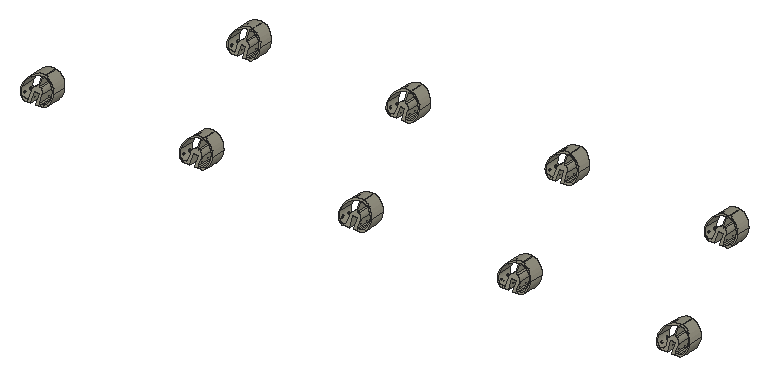
Revit family "Construction_Roof-Accessories_Alpine-SnowGuards_PD82", category Specialty Equipment, host Face, Revit 2019
Family settings
  Host = Face
  Round Connector Dimension = Use Diameter
  Part Type = Normal
  OmniClass Number = 23.35.20.31.27.14
  OmniClass Title = Snow Guards
  Cut with Voids When Loaded = No
  Shared = No
  Room Calculation Point = No
Parameters (values of type "2x2 Pattern – Two Row")
  z_Option3 = Row Options : Three Rows
  z_Option2 = Row Options : Two Rows
  z_Option1 = Row Options : One Row
  Z_Vertical Spacing = if(Vertical Spacing = 0", 12", Vertical Spacing)  # 24"
  Z_Three Rows [instance] = and((Length > 2 * Z_Horizontal Spacing), Number of Rows = z_Option3)  # no
  Z_Three Row Second Pad [instance] = and(not(or(Z_Three Rows, Z_Two Rows, Z_Custom Row, Number of Rows = z_Option2, Z_CR)), Z_Length > Z_Horizontal Spacing)  # no
  Z_Three Row First Pad [instance] = not(or(Z_Three Rows, Z_Two Rows, Z_Custom Row, Number of Rows = z_Option2, Z_CR))  # no
  Z_Second Row Number [instance] = Z_Number of Pads Control - 1  # 4
  Z_Two Row First Pad [instance] = and(not(or(Z_Three Rows, Z_Two Rows, Z_Custom Row, Z_CR)), or(Z_Length = Z_Horizontal Spacing / 2, Z_Length > Z_Horizontal Spacing / 2))  # no
  Z_Second Row [instance] = Z_Horizontal Spacing / 2  # 12"
  Z_Length [instance] = if(Length < Z_Horizontal Spacing / 2, Z_Horizontal Spacing / 2, Length)  # 100"
  Z_Horizontal Spacing = if(Horizontal Spacing = 0", 24", Horizontal Spacing)  # 24"
  Z_Distance between Pads [instance] = Length / (Z_Number of Pads Control - 1)  # 25"
  Z_Custom Row Second Pad [instance] = and(not(or(Z_Three Rows, Z_Two Rows, Z_Custom Row)), Z_Length > Z_Horizontal Spacing)  # no
  Z_Custom Row First Pad [instance] = not(or(Z_Three Rows, Z_Two Rows))  # no
  Z_Custom Row [instance] = and((Length > 2 * Z_Horizontal Spacing), or(Number of Rows = z_Option1, Number of Rows = z_Option2, Number of Rows = z_Option3))  # yes
  Z_CR = no
  Vertical Spacing = 24"
  URL = "https://www.alpinesnowguards.com/model/pd82?utm_source=bimobject&utm_medium=productlisting&utm_campaign=2022marketing"
  Z_Two Rows [instance] = and((Length > 2 * Z_Horizontal Spacing), or(Number of Rows = z_Option2, Number of Rows = z_Option3))  # yes
  Standard Layouts [instance] = "Standard layouts are shown. Custom layouts are available, please contact Alpine Snow Guard to discuss."  # constant formula
  Snow Guard Count [instance] = if(and(Number of Rows = z_Option1, and(Length > 24", Length < 49")), 2, if(and(Number of Rows = z_Option1, or(Length = 0", Length < 25")), 1, if(and(Number of Rows = z_Option2, or(Length = 0", Length < 25")), 2, if(and(Number of Rows = z_Option3, and(Length > 24", Length < 49")), 5, if(Z_Three Rows, 2 * Z_Number of Pads Control + Z_Second Row Number, if(Z_Two Rows, Z_Number of Pads Control + Z_Second Row Number, Z_Number of Pads Control))))))  # 9
  Product data url = "https://www.bimobject.com/en-us/alpine-snowguards/product/pd82_pad_style_snow_guard_for_standing_seam"
  Product Material = Alpine SnowGuards - Aluminium - Mill Finish
  Product Guid = "87701d0f-6db0-4538-ad19-06091a71275a"
  Z_Number of Pads Control [instance] = if((Z_Length / Z_Horizontal Spacing + 1) < 3, 3, rounddown(Z_Length / Z_Horizontal Spacing + 1))  # 5
  Number of Rows = Row Options : Two Rows
  Length Note [instance] = "To show a single SnowGuard in the Row, please set Length to 0"  # constant formula
  Model = "PD 82"  # constant formula
  Manufacturer = "Alpine SnowGuards"  # constant formula
  Length [instance] = 100"
  Keynote = "07720"
  IMPORTANT [instance] = "All layouts begin with a 3-row pattern."  # constant formula
  Horizontal Spacing = 24"
  Edition number = 1
  Description = "PD82 pad-style snow guard."  # constant formula
  Default Elevation = 48"
  Assembly Code = "B3010"
Types (6): name | Z_Vertical Spacing | Z_Three Rows | Z_Second Row Number | Z_Second Row | Z_Horizontal Spacing | Z_Distance between Pads | Z_Custom Row First Pad | Z_CR | Vertical Spacing | Z_Two Rows | Snow Guard Count | Z_Number of Pads Control | Number of Rows | Horizontal Spacing
  (no name) | 24" | no | 4 | 12" | 24" | 25" | no | no | 24" | yes | 9 | 5 | Row Options : Two Rows | 24"
  3-Row Pattern | 12" | yes | 4 | 12" | 24" | 25" | no | no | 12" | yes | 14 | 5 | Row Options : Three Rows | 24"
  2x4 Pattern – Two Row | 24" | no | 2 | 24" | 48" | 50" | no | no | 24" | yes | 5 | 3 | Row Options : Two Rows | 48"
  2x3 Pattern – Two Row | 24" | no | 2 | 18" | 36" | 50" | no | no | 24" | yes | 5 | 3 | Row Options : Two Rows | 36"
  2x2 Pattern – Two Row | 24" | no | 4 | 12" | 24" | 25" | no | no | 24" | yes | 9 | 5 | Row Options : Two Rows | 24"
  Custom – Single Row | 12" | no | 4 | 12" | 24" | 25" | yes | yes | 0" | no | 5 | 5 | Row Options : One Row | 24"
Reference planes (in)
  plane 1 "Center (Front/Back)": y = 0
  plane 2: z = 0
  plane 3 "Center (Left/Right)": x = 0
  plane 4: x = 100
  plane 5: y = 24
  plane 6: y = 48
  plane 7: x = 12
  plane 8: x = 24
  plane 9: x = 36
Dimensions and locks (in)
  "Z_Length": plane 3 "Center (Left/Right)" to plane 4
  "Z_Vertical Spacing": plane 1 "Center (Front/Back)" to plane 5
  "Z_Vertical Spacing": plane 6 to plane 5
  "Z_Horizontal Spacing": plane 3 "Center (Left/Right)" to plane 8
  equal spacing: group 1, group 2, group 3, group 9, group 10  (x3)
  equal spacing: group 4, group 5, group 6, group 11, group 12  (x3)
  "Z_Horizontal Spacing": plane 7 to plane 9
  equal spacing: group 7, group 8, group 13, group 14  (x3)
  equal spacing: plane 3 "Center (Left/Right)", plane 7, plane 8
  aligned and locked: host face to plane 2
  aligned and locked: host face to level
  aligned and locked: plane 1 "Center (Front/Back)" to nested 1
  aligned and locked: plane 3 "Center (Left/Right)" to nested 1
  aligned and locked: plane 7 to nested 2
  aligned and locked: nested 2 to plane 5
  aligned and locked: plane 3 "Center (Left/Right)" to nested 3
  aligned and locked: nested 3 to plane 6
  aligned and locked: plane 8 to nested 4
  aligned and locked: plane 8 to nested 6
  aligned and locked: plane 9 to nested 8
  aligned and locked: nested 6 to plane 6
  aligned and locked: nested 8 to plane 5
  aligned and locked: plane 1 "Center (Front/Back)" to nested 9
  aligned and locked: plane 1 "Center (Front/Back)" to nested 10
  aligned and locked: nested 11 to plane 5
  aligned and locked: nested 12 to plane 6
  aligned and locked: nested 13 to plane 6
  aligned and locked: plane 3 "Center (Left/Right)" to nested 9
  aligned and locked: plane 7 to nested 11
  aligned and locked: plane 8 to nested 10
  aligned and locked: plane 3 "Center (Left/Right)" to nested 12
  aligned and locked: plane 8 to nested 13
Automatic sketch dimensions
  host sketch curve to host sketch curve = 167.34463"
  host sketch curve to host sketch curve = 121.14631"
Nested families (in)
  nested 1: "Construction_Roof-Accessories_Alpine-SnowGuards_Pad-PD82" at (0, 0, 0), Product Material <- "Product Material", visible <- "Z_Custom Row", type "Construction_Roof-Accessories_Alpine-SnowGuards_Pad-PD82"
    with Product Material Alpine SnowGuards - Aluminium - Mill Finish
  nested 2: "Construction_Roof-Accessories_Alpine-SnowGuards_Pad-PD82" at (12, 24, 0), Product Material <- "Product Material", visible <- "Z_Two Rows", type "Construction_Roof-Accessories_Alpine-SnowGuards_Pad-PD82"
    with Product Material Alpine SnowGuards - Aluminium - Mill Finish
  nested 3: "Construction_Roof-Accessories_Alpine-SnowGuards_Pad-PD82" at (0, 48, 0), Product Material <- "Product Material", visible <- "Z_Three Rows", type "Construction_Roof-Accessories_Alpine-SnowGuards_Pad-PD82"
    with Product Material Alpine SnowGuards - Aluminium - Mill Finish
  nested 4: "Construction_Roof-Accessories_Alpine-SnowGuards_Pad-PD82" at (24, 0, 0), Product Material <- "Product Material", visible <- "Z_Custom Row", type "Construction_Roof-Accessories_Alpine-SnowGuards_Pad-PD82"
    with Product Material Alpine SnowGuards - Aluminium - Mill Finish
  nested 5: "Construction_Roof-Accessories_Alpine-SnowGuards_Pad-PD82" at (48, 0, 0), Product Material <- "Product Material", visible <- "Z_Custom Row", type "Construction_Roof-Accessories_Alpine-SnowGuards_Pad-PD82"
    with Product Material Alpine SnowGuards - Aluminium - Mill Finish
  nested 6: "Construction_Roof-Accessories_Alpine-SnowGuards_Pad-PD82" at (24, 48, 0), Product Material <- "Product Material", visible <- "Z_Three Rows", type "Construction_Roof-Accessories_Alpine-SnowGuards_Pad-PD82"
    with Product Material Alpine SnowGuards - Aluminium - Mill Finish
  nested 7: "Construction_Roof-Accessories_Alpine-SnowGuards_Pad-PD82" at (48, 48, 0), Product Material <- "Product Material", visible <- "Z_Three Rows", type "Construction_Roof-Accessories_Alpine-SnowGuards_Pad-PD82"
    with Product Material Alpine SnowGuards - Aluminium - Mill Finish
  nested 8: "Construction_Roof-Accessories_Alpine-SnowGuards_Pad-PD82" at (36, 24, 0), Product Material <- "Product Material", visible <- "Z_Two Rows", type "Construction_Roof-Accessories_Alpine-SnowGuards_Pad-PD82"
    with Product Material Alpine SnowGuards - Aluminium - Mill Finish
  nested 9: "Construction_Roof-Accessories_Alpine-SnowGuards_Pad-PD82" at (0, 0, 0), Product Material <- "Product Material", visible <- "Z_Custom Row First Pad", type "Construction_Roof-Accessories_Alpine-SnowGuards_Pad-PD82"
    with Product Material Alpine SnowGuards - Aluminium - Mill Finish
  nested 10: "Construction_Roof-Accessories_Alpine-SnowGuards_Pad-PD82" at (24, 0, 0), Product Material <- "Product Material", visible <- "Z_Custom Row Second Pad", type "Construction_Roof-Accessories_Alpine-SnowGuards_Pad-PD82"
    with Product Material Alpine SnowGuards - Aluminium - Mill Finish
  nested 11: "Construction_Roof-Accessories_Alpine-SnowGuards_Pad-PD82" at (12, 24, 0), Product Material <- "Product Material", visible <- "Z_Two Row First Pad", type "Construction_Roof-Accessories_Alpine-SnowGuards_Pad-PD82"
    with Product Material Alpine SnowGuards - Aluminium - Mill Finish
  nested 12: "Construction_Roof-Accessories_Alpine-SnowGuards_Pad-PD82" at (0, 48, 0), Product Material <- "Product Material", visible <- "Z_Three Row First Pad", type "Construction_Roof-Accessories_Alpine-SnowGuards_Pad-PD82"
    with Product Material Alpine SnowGuards - Aluminium - Mill Finish
  nested 13: "Construction_Roof-Accessories_Alpine-SnowGuards_Pad-PD82" at (24, 48, 0), Product Material <- "Product Material", visible <- "Z_Three Row Second Pad", type "Construction_Roof-Accessories_Alpine-SnowGuards_Pad-PD82"
    with Product Material Alpine SnowGuards - Aluminium - Mill Finish
  nested 14: "Construction_Roof-Accessories_Alpine-SnowGuards_Pad-PD82" at (72, 0, 0), Product Material <- "Product Material", visible <- "Z_Custom Row", type "Construction_Roof-Accessories_Alpine-SnowGuards_Pad-PD82"
    with Product Material Alpine SnowGuards - Aluminium - Mill Finish
  nested 15: "Construction_Roof-Accessories_Alpine-SnowGuards_Pad-PD82" at (96, 0, 0), Product Material <- "Product Material", visible <- "Z_Custom Row", type "Construction_Roof-Accessories_Alpine-SnowGuards_Pad-PD82"
    with Product Material Alpine SnowGuards - Aluminium - Mill Finish
  nested 16: "Construction_Roof-Accessories_Alpine-SnowGuards_Pad-PD82" at (72, 48, 0), Product Material <- "Product Material", visible <- "Z_Three Rows", type "Construction_Roof-Accessories_Alpine-SnowGuards_Pad-PD82"
    with Product Material Alpine SnowGuards - Aluminium - Mill Finish
  nested 17: "Construction_Roof-Accessories_Alpine-SnowGuards_Pad-PD82" at (96, 48, 0), Product Material <- "Product Material", visible <- "Z_Three Rows", type "Construction_Roof-Accessories_Alpine-SnowGuards_Pad-PD82"
    with Product Material Alpine SnowGuards - Aluminium - Mill Finish
  nested 18: "Construction_Roof-Accessories_Alpine-SnowGuards_Pad-PD82" at (60, 24, 0), Product Material <- "Product Material", visible <- "Z_Two Rows", type "Construction_Roof-Accessories_Alpine-SnowGuards_Pad-PD82"
    with Product Material Alpine SnowGuards - Aluminium - Mill Finish
  nested 19: "Construction_Roof-Accessories_Alpine-SnowGuards_Pad-PD82" at (84, 24, 0), Product Material <- "Product Material", visible <- "Z_Two Rows", type "Construction_Roof-Accessories_Alpine-SnowGuards_Pad-PD82"
    with Product Material Alpine SnowGuards - Aluminium - Mill Finish
Definition of nested family "Construction_Roof-Accessories_Alpine-SnowGuards_Pad-PD82"
  Parameters (values of type "Construction_Roof-Accessories_Alpine-SnowGuards_Pad-PD80")
    Product Material [instance] = none
  Reference planes (in)
    plane 1 "Center (Front/Back)": y = 0
    plane 2: z = 0
    plane 3 "Center (Left/Right)": x = 0
    plane 4: z = 3.18
    plane 5: x = -0.81663
    plane 6: x = 0.81663
    plane 7: z = 1.2
    plane 8: x = 0.33663
    plane 9: x = -0.29337
    plane 10: z = 3.18
    plane 11: y = 3.83
    plane 12: y = 1.83
  Forms (in)
    Extrusion 1, solid, material <- "Product Material", detail levels fine
      sketch origin (0, 0, 0) x (1, 0, 0) y (0, 0, -1)
        loop
          line (0.33663, -1.2) -> (-0.33663, -1.2) -> (-0.33663, 0) -> (-1.23679, 0)
          arc (-1.23679, 0) -> (-2.19546, -0.50376) -> (-2.32438, -1.57902) r 1.16406
          arc (-2.32438, -1.57902) -> (-0.00049, -3.18) -> (2.32404, -1.57992) r 2.48782
          arc (2.32404, -1.57992) -> (2.19536, -0.5041) -> (1.23628, 0) r 1.16442
          line (1.23628, 0) -> (0.33663, 0) -> (0.33663, -1.2)
        loop
          arc (0.81163, -1.12324) -> (0.65727, -1.5481) -> (0.26618, -1.77478) r 0.66186
          arc (0.26618, -1.77478) -> (0.16793, -1.82046) -> (0.10508, -1.90873) r 0.212
          line (0.10508, -1.90873) -> (0.10508, -2.82618)
          arc (0.10508, -2.82618) -> (0.15579, -2.94117) -> (0.2749, -2.98127) r 0.15573
          arc (0.2749, -2.98127) -> (1.51487, -2.45955) -> (2.22615, -1.31771) r 2.22082
          arc (2.22615, -1.31771) -> (1.97158, -0.52636) -> (1.21249, -0.1875) r 1.01967
          line (1.21249, -0.1875) -> (0.95592, -0.1875)
          arc (0.95592, -0.1875) -> (0.85389, -0.22976) -> (0.81163, -0.33179) r 0.14429
          line (0.81163, -0.33179) -> (0.81163, -1.12324)
        loop
          arc (-0.10508, -1.90873) -> (-0.16793, -1.82046) -> (-0.26618, -1.77478) r 0.212
          arc (-0.26618, -1.77478) -> (-0.65727, -1.5481) -> (-0.81163, -1.12324) r 0.66186
          line (-0.81163, -1.12324) -> (-0.81163, -0.33179)
          arc (-0.81163, -0.33179) -> (-0.85389, -0.22976) -> (-0.95592, -0.1875) r 0.14429
          line (-0.95592, -0.1875) -> (-1.21249, -0.1875)
          arc (-1.21249, -0.1875) -> (-1.97158, -0.52636) -> (-2.22615, -1.31771) r 1.01967
          arc (-2.22615, -1.31771) -> (-1.51487, -2.45955) -> (-0.2749, -2.98127) r 2.22082
          arc (-0.2749, -2.98127) -> (-0.15579, -2.94117) -> (-0.10508, -2.82618) r 0.15573
          line (-0.10508, -2.82618) -> (-0.10508, -1.90873)
      from -0.41293 to 3.94197
    Extrusion 2, void
      sketch origin (0, 0, 0) x (0, -1, 0) y (0, 0, -1)
        loop
          line (-3.95816, -3.39164) -> (-1.58316, 0.72198) -> (-3.58316, 0.72198) -> (-5.95816, -3.39164) -> (-3.95816, -3.39164)
        loop
          line (0.29184, 0.50547) -> (-2.08316, -3.60815) -> (0.22624, -3.60815) -> (2.60124, 0.50547) -> (0.29184, 0.50547)
      from -7.16641 to 12
    Extrusion 3, solid, material <- "Product Material", detail levels medium
      sketch origin (0, -8.42873, 0) x (1, 0, 0) y (0, 0, -1)
        loop
          line (0.33663, -1.2) -> (-0.33663, -1.2) -> (-0.33663, 0) -> (-1.18514, 0)
          arc (-1.18514, 0) -> (-2.09278, -0.40425) -> (-2.39946, -1.34933) r 1.22107
          arc (-2.39946, -1.34933) -> (0, -3.18) -> (2.39946, -1.34933) r 2.48782
          arc (2.39946, -1.34933) -> (2.09278, -0.40425) -> (1.18514, 0) r 1.22107
          line (1.18514, 0) -> (0.33663, 0) -> (0.33663, -1.2)
        loop
          arc (0.81163, -1.15807) -> (0.65854, -1.5664) -> (0.27473, -1.77343) r 0.62109
          arc (0.27473, -1.77343) -> (0.17128, -1.81773) -> (0.10508, -1.90873) r 0.212
          line (0.10508, -1.90873) -> (0.10508, -2.82618)
          arc (0.10508, -2.82618) -> (0.15579, -2.94117) -> (0.2749, -2.98127) r 0.15573
          arc (0.2749, -2.98127) -> (1.42859, -2.52945) -> (2.16067, -1.52985) r 2.22082
          arc (2.16067, -1.52985) -> (2.04034, -0.61407) -> (1.22109, -0.1875) r 1
          line (1.22109, -0.1875) -> (0.95592, -0.1875)
          arc (0.95592, -0.1875) -> (0.85389, -0.22976) -> (0.81163, -0.33179) r 0.14429
          line (0.81163, -0.33179) -> (0.81163, -1.15807)
        loop
          line (-0.81163, -1.15854) -> (-0.81163, -0.33179)
          arc (-0.81163, -0.33179) -> (-0.85389, -0.22976) -> (-0.95592, -0.1875) r 0.14429
          line (-0.95592, -0.1875) -> (-1.22109, -0.1875)
          arc (-1.22109, -0.1875) -> (-2.04034, -0.61407) -> (-2.16067, -1.52985) r 1
          arc (-2.16067, -1.52985) -> (-1.42859, -2.52945) -> (-0.2749, -2.98127) r 2.22082
          arc (-0.2749, -2.98127) -> (-0.15579, -2.94117) -> (-0.10508, -2.82618) r 0.15573
          line (-0.10508, -2.82618) -> (-0.10508, -1.90873)
          arc (-0.10508, -1.90873) -> (-0.17133, -1.81769) -> (-0.27485, -1.77342) r 0.212
          arc (-0.27485, -1.77342) -> (-0.65856, -1.56665) -> (-0.81163, -1.15854) r 0.62055
      from 8.42873 to 12.25873
    Extrusion 4, solid, material <- "Product Material", detail levels coarse
      sketch origin (0, 0, 0) x (1, 0, 0) y (0, 0, -1)
        loop
          line (0.33663, -1.2) -> (-0.33663, -1.2) -> (-0.33663, 0) -> (-1.105, 0)
          arc (-1.105, 0) -> (-2.16958, -0.59488) -> (-2.22088, -1.81331) r 1.25
          arc (-2.22088, -1.81331) -> (0, -3.18) -> (2.22088, -1.81331) r 2.48782
          arc (2.22088, -1.81331) -> (2.16958, -0.59488) -> (1.105, 0) r 1.25
          line (1.105, 0) -> (0.33663, 0) -> (0.33663, -1.2)
      from 0 to 3.83
    Extrusion 5, void
      sketch origin (0, 0.05664, 0.11932) x (0, -1, 0) y (0, 0, -1)
        loop
          circle (-0.69345, -0.40233) r 0.1875
        loop
          circle (-1.80964, -0.40233) r 0.1875
      from -3.6708 to 3.16169
  Cuts and joins
    Extrusion 2, Extrusion 5 cuts Extrusion 1
    Extrusion 2 cuts Extrusion 3
    Extrusion 2 cuts Extrusion 4
  Dimensions and locks (in)
    locked: plane 4 to plane 2 at 3.18
    equal spacing: plane 6, plane 3 "Center (Left/Right)", plane 5
    plane 7 to level = 1.2"
    locked: plane 8 to plane 9 at 0.63
    locked: plane 8 to plane 6 at 0.48
    locked: plane 10 to plane 2 at 3.18
    locked: plane 1 "Center (Front/Back)" to plane 11 at 3.83
    locked: plane 12 to plane 11 at 2
    aligned and locked: level to plane 2
    aligned and locked: Extrusion 3 to plane 11
    aligned and locked: Extrusion 3 to plane 1 "Center (Front/Back)"
    aligned and locked: plane 2 to Extrusion 4 sketch curve
    aligned and locked: Extrusion 4 to plane 1 "Center (Front/Back)"
    aligned and locked: Extrusion 4 to plane 11
  Automatic sketch dimensions
    Extrusion 1 sketch curve to level = 0"  (x2)
    Extrusion 1 sketch curve to plane 7 = 0"
    Extrusion 1 sketch curve to plane 3 "Center (Left/Right)" = 0"
    plane 8 to Extrusion 1 sketch curve = 0"
    plane 3 "Center (Left/Right)" to Extrusion 1 sketch curve = 0.07404"
    plane 3 "Center (Left/Right)" to Extrusion 1 sketch curve = 0.10508"
    Extrusion 1 sketch curve to plane 9 = 0.1436"
    Extrusion 1 sketch curve to plane 9 = 0.03256"
    plane 9 to Extrusion 1 sketch curve = 0.0101"
    plane 9 to Extrusion 1 sketch curve = 0.04326"
    Extrusion 1 sketch curve to plane 5 = 0.005"
    plane 5 to Extrusion 1 sketch curve = 0.13929"
    plane 7 to Extrusion 1 sketch curve = 0.00717"  (x2)
    plane 5 to Extrusion 1 sketch curve = 0.39586"
    Extrusion 1 sketch curve to Extrusion 1 sketch curve = 0.0243"
    Extrusion 1 sketch curve to plane 3 "Center (Left/Right)" = 0.07404"
    Extrusion 1 sketch curve to plane 3 "Center (Left/Right)" = 0.10508"
    Extrusion 1 sketch curve to plane 3 "Center (Left/Right)" = 0.14977"
    plane 8 to Extrusion 1 sketch curve = 0.07582"
    plane 8 to Extrusion 1 sketch curve = 0.03316"
    Extrusion 1 sketch curve to plane 6 = 0.005"
    plane 6 to Extrusion 1 sketch curve = 0.13929"
    Extrusion 1 sketch curve to Extrusion 1 sketch curve = 0.25657"
    Extrusion 1 sketch curve to Extrusion 1 sketch curve = 0.02378"
    Extrusion 1 sketch curve to level = 3/16"  (x2)
    Extrusion 1 sketch curve to plane 7 = 65/128"
    Extrusion 1 sketch curve to Extrusion 1 sketch curve = 0.07737"  (x2)
    Extrusion 1 sketch curve to plane 7 = 0.07676"  (x2)
    Extrusion 1 sketch curve to plane 7 = 0.03594"
    Extrusion 1 sketch curve to plane 7 = 0.03558"
    plane 7 to Extrusion 1 sketch curve = 0.70873"
    Extrusion 1 sketch curve to Extrusion 1 sketch curve = 0"  (x4)
    Extrusion 1 sketch curve to Extrusion 1 sketch curve = 0.07474"  (x2)
    plane 4 to Extrusion 1 sketch curve = 0.35382"  (x2)
    Extrusion 2 sketch curve to plane 4 = 0.21164"
    Extrusion 2 sketch curve to plane 11 = 2.12816"
    Extrusion 2 sketch curve to plane 11 = 0.12816"
    plane 11 to Extrusion 2 sketch curve = 0.24684"
    plane 12 to Extrusion 2 sketch curve = 0.25316"
    Extrusion 2 sketch curve to plane 12 = 0.24684"
    Extrusion 2 sketch curve to plane 1 "Center (Front/Back)" = 0.22624"
    Extrusion 2 sketch curve to plane 1 "Center (Front/Back)" = 0.29184"
    level to Extrusion 2 sketch curve = 0.50547"
    level to Extrusion 2 sketch curve = 0.72198"
    Extrusion 2 sketch curve to plane 4 = 0.42815"
    Extrusion 3 sketch curve to level = 0"  (x2)
    Extrusion 3 sketch curve to plane 7 = 0"
    Extrusion 3 sketch curve to plane 3 "Center (Left/Right)" = 0"
    plane 8 to Extrusion 3 sketch curve = 0"
    Extrusion 3 sketch curve to plane 3 "Center (Left/Right)" = 0.07404"
    Extrusion 3 sketch curve to plane 3 "Center (Left/Right)" = 0.10508"
    plane 7 to Extrusion 3 sketch curve = 0.04146"
    plane 9 to Extrusion 3 sketch curve = 0.10229"
    plane 9 to Extrusion 3 sketch curve = 0.03256"
    Extrusion 3 sketch curve to plane 9 = 0.0101"
    Extrusion 3 sketch curve to plane 9 = 0.04326"
    plane 5 to Extrusion 3 sketch curve = 0.005"
    Extrusion 3 sketch curve to plane 5 = 0.13929"
    Extrusion 3 sketch curve to Extrusion 3 sketch curve = 0.22922"
    plane 7 to Extrusion 3 sketch curve = 0.0125"  (x2)
    Extrusion 3 sketch curve to Extrusion 3 sketch curve = 0.03595"  (x2)
    plane 3 "Center (Left/Right)" to Extrusion 3 sketch curve = 0.07404"
    plane 3 "Center (Left/Right)" to Extrusion 3 sketch curve = 0.10508"
    plane 7 to Extrusion 3 sketch curve = 0.04193"
    Extrusion 3 sketch curve to plane 8 = 0.14609"
    Extrusion 3 sketch curve to plane 8 = 0.07582"
    Extrusion 3 sketch curve to plane 8 = 0.03316"
    plane 6 to Extrusion 3 sketch curve = 0.005"
    Extrusion 3 sketch curve to plane 6 = 0.13929"
    Extrusion 3 sketch curve to plane 7 = 0.02107"  (x2)
    Extrusion 3 sketch curve to plane 6 = 0.36851"
    Extrusion 3 sketch curve to plane 7 = 0.70873"
    Extrusion 3 sketch curve to Extrusion 3 sketch curve = 0"  (x5)
    Extrusion 3 sketch curve to Extrusion 3 sketch curve = 0.07474"  (x2)
    Extrusion 3 sketch curve to plane 4 = 0.35382"
    Extrusion 3 sketch curve to Extrusion 3 sketch curve = 0.38899"
    Extrusion 3 sketch curve to Extrusion 3 sketch curve = 0.07737"
    level to Extrusion 3 sketch curve = 0.33179"  (x2)
    Extrusion 3 sketch curve to plane 7 = 0.14933"
    Extrusion 4 sketch curve to plane 7 = 0"
    Extrusion 4 sketch curve to plane 3 "Center (Left/Right)" = 0"
    Extrusion 4 sketch curve to level = 0"
    Extrusion 4 sketch curve to plane 8 = 0"
    plane 9 to Extrusion 4 sketch curve = 0.04326"
    plane 7 to Extrusion 4 sketch curve = 0.05"  (x2)
    plane 5 to Extrusion 4 sketch curve = 0.28837"
    plane 6 to Extrusion 4 sketch curve = 0.28837"
    Extrusion 4 sketch curve to Extrusion 4 sketch curve = 65/128"
    Extrusion 4 sketch curve to Extrusion 4 sketch curve = 0"
    plane 12 to Extrusion 5 sketch curve = 0.03628"
    plane 1 "Center (Front/Back)" to Extrusion 5 sketch curve = 0.75009"
    Extrusion 5 sketch curve to level = 0.52165"  (x2)
    Extrusion 2 sketch curve to Extrusion 2 sketch curve = 2.3094"
    radius of Extrusion 5 sketch curve = 3/16"  (x2)
